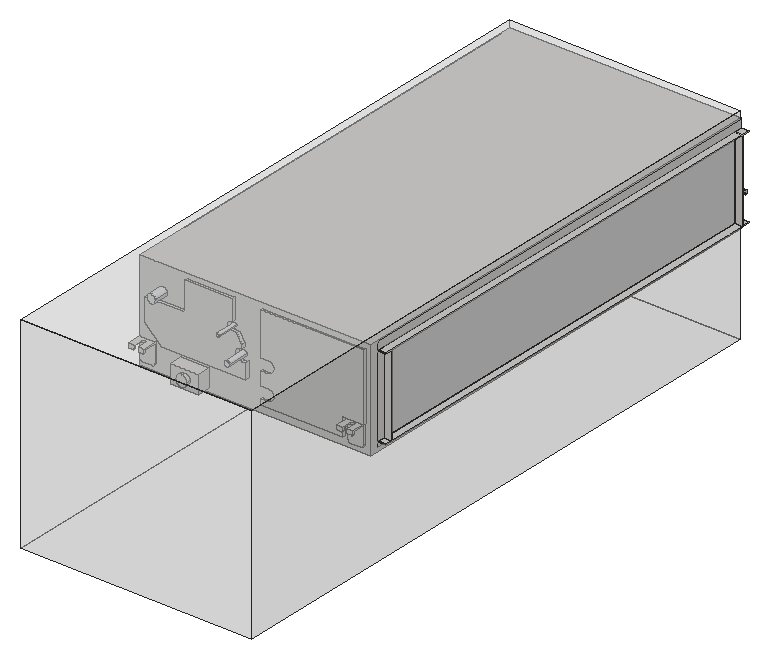
Revit family "outputfile", category 機械設備, Revit 2024
Family settings
  丸型コネクタ寸法 = 半径を使用
  パーツ タイプ = 標準
  OmniClass 番号 = 23.75.10.24.21.27.27
  OmniClass タイトル = Split System Air Conditioning Units
  作業面ベース = いいえ
  常に垂直 = はい
  ロード時にボイドで切り取り = いいえ
  注釈の向きを維持 = いいえ
  共有 = いいえ
  部屋計算ポイント = はい
Parameters (values of type "FXMQ140PAVE")
  Description = ""
  製造元 = "Daikin"
  書き出し IFC クラス(タイプ) = "IfcUnitaryEquipmentType"
  定義済み IFC タイプ(タイプ) = "AIRCONDITIONINGUNIT"
  Cost = 0
  モデル = "FXMQ140PAVE"
  Type Comments = ""
  Keynote = ""
  Type Image = (empty or 0)
  Assembly Code = ""
  r_Liquid Pipe Size = Liquid Pipe Size / 2  # 4.75 mm
  r_Gas Pipe Size = Gas Pipe Size / 2  # 7.95 mm
  r_Drain Pipe Size = Drain Pipe Size / 2  # 12.5 mm
  lw_power = 396.0 mm  # constant formula
  lh_SA = 165.0 mm  # constant formula
  lw_SA = if(Depth = 550.0 mm, 210.0 mm, if(Depth = 700.0 mm, 285.0 mm, if(Depth = 1000.0 mm, 435.0 mm, 635.0 mm)))  # 635.0 mm
  lw_RA = if(Depth = 550.0 mm, 288.0 mm, if(Depth = 700.0 mm, 363.0 mm, if(Depth = 1000.0 mm, 513.0 mm, 713.0 mm)))  # 713.0 mm
  lh_power = 60.0 mm + [h***]  # 60.0 mm
  lh_mountinghole1 = lh_mountinghole + [h***]  # 80.0 mm
  lh_RA = 150.0 mm  # constant formula
  ld_power = Depth / 2  # 700.0 mm
  Voltage_comment_60Hz = "220"
  Voltage_comment_50Hz = "220-240"
  Voltage_60Hz = 220 V
  Voltage_50Hz = 220 V
  URL = ""
  Supply Air Direction [instance] = yes
  Sound Power Level_H speed (dB) = 64
  Phase_60Hz = 1
  Phase_50Hz = 1
  Minimum External Static Pressure = 50.00 Pa
  Minimum Circuit Amps_60Hz = 3.4 A
  Minimum Circuit Amps_50Hz = 3.4 A
  Maximum Fuse Amps_60Hz = 16.0 A
  Maximum Fuse Amps_50Hz = 16.0 A
  Maximum External Static Pressure = 140.00 Pa
  Material_Casing = DAIKIN_GalvanizedSteel_Casing_indoorunit
  lw_mountinghole = 631.0 mm  # constant formula
  lh_gaspipe = 144.0 mm + [h***]  # 144.0 mm
  lh_mountinghole = 80.0 mm  # constant formula
  lh_liquidpipe = 212.0 mm + [h***]  # 212.0 mm
  lh_drainpipe = 232.0 mm + [h***]  # 232.0 mm
  lh_antena = Height - lh_mountinghole + 1.0 mm  # 221.0 mm
  ld_drainpipe = Depth / 2 + 54.0 mm  # 754.0 mm
  ld_liquidpipe = 765.0 mm
  ld_gaspipe = 765.0 mm
  ld_mountinghole = Depth + 38.0 mm  # 1438.0 mm
  h*** = 0.0 mm  # constant formula
  lw_liquidpipe = 290.0 mm  # constant formula
  lw_gaspipe = 318.0 mm  # constant formula
  lw_drainpipe = 80.0 mm  # constant formula
  Width = 700.0 mm
  Version = "ver.1.0"
  Unit Type = "Middle-High Static Pressure Duct Type"
  Unit Mass Weight = 46.00 kg
  Unit Designation [instance] = ""
  Uniclass2015Version = "Products v1.30"
  Uniclass2015Title = "Variable refrigerant flow units"
  Uniclass2015Code = "Pr_70_65_03_94"
  Total Heating Capacity [instance] = 0.000 kW
  Total Cooling Capacity [instance] = 0.000 kW
  Sound Pressure Level_M speed (dBA) = 0
  Sound Pressure Level_L speed (dBA) = 43
  Sound Pressure Level_H speed (dBA) = 46
  Series = "VRV Fan Coil Unit"
  Sensible Cooling Capacity [instance] = 0.000 kW
  SA Duct Size Width = if(Depth = 550.0 mm, 310.0 mm, if(Depth = 700.0 mm, 460.0 mm, if(Depth = 1000.0 mm, 760.0 mm, 1160.0 mm)))  # 1160.0 mm
  SA Duct Size Height = 215.0 mm
  Refrigerant Type = "R410A"
  RA Duct Size Width = if(Depth = 550.0 mm, 475.0 mm, if(Depth = 700.0 mm, 625.0 mm, if(Depth = 1000.0 mm, 925.0 mm, 1325.0 mm)))  # 1325.0 mm
  RA Duct Size Height = 247.0 mm
  Power Input (Heating) = 0.449 kW
  Power Input (Cooling) = 0.461 kW
  Option Accessory 3 [instance] = ""
  Option Accessory 2 [instance] = ""
  Option Accessory 1 [instance] = ""
  Nominal Heating Capacity = 18.000 kW
  Nominal Cooling Capacity = 16.000 kW
  Minimum Airflow = 1920.00 m³/h
  Median Airflow = 2340.00 m³/h
  Maximum Airflow = 2760.00 m³/h
  Load Classification = HVAC
  Liquid Pipe Size = 9.5 mm
  Link_Nested Family [instance] = ""
  IfcVersion = "0"
  IfcExportType = "AIRCONDITIONINGUNIT"
  IfcExportAs = "IfcUnitaryEquipmentType"
  Height = 300.0 mm
  Heating Entering Wet Bulb Temperature [instance] = 0.00 °C
  Heating Entering Dry Bulb Temperature [instance] = 0.00 °C
  Heating Ambient Wet Bulb Temperature [instance] = 0.00 °C
  Heating Ambient Dry Bulb Temperature [instance] = 0.00 °C
  Heat Exchanger Type = "Cross Fin Coil"
  Gas Pipe Size = 15.9 mm
  Frequency_60Hz = 60 Hz
  Frequency_50Hz = 50 Hz
  Fan Type = "Sirocco Fan"
  Fan Drive = "Direct Drive"
  FCU Tag No. [instance] = ""
  Drain Pipe Size = 25.0 mm
  Design Supply Airflow [instance] = 0.00 m³/h
  Design Return Airflow [instance] = 0.00 m³/h
  Design External Static Pressure [instance] = 0.00 Pa
  Depth = 1400.0 mm
  既定の高さ = 0.0 mm
  Cooling Entering Wet Bulb Temperature [instance] = 0.00 °C
  Cooling Entering Dry Bulb Temperature [instance] = 0.00 °C
  Cooling Ambient Wet Bulb Temperature [instance] = 0.00 °C
  Cooling Ambient Dry Bulb Temperature [instance] = 0.00 °C
  Clearance visibility [instance] = yes
  Clearance Top = 20.0 mm
  Clearance Right = 0.0 mm
  Clearance Rear = 0.0 mm
  Clearance Left = 0.0 mm
  Clearance Front = 450.0 mm
  Clearance Bottom = 300.0 mm
Reference planes
  plane 1 "Center (Front/Back)": y = 0
  plane 2 "h": z = 0
  plane 3 "Center (Left/Right)": x = 0
  plane 4 "Back": y = 700
  plane 5 "Front": y = -700
  plane 6 "Left": x = -350
  plane 7 "Reight": x = 350
  plane 8 "Top": z = 0
  plane 9 "Bottom": z = -300
  plane 10: y = -215
  plane 11: y = 700
  plane 12: y = -1150
  plane 13: x = -350
  plane 14: x = 350
  plane 15: z = 20
  plane 16: z = -600
  plane 17: x = -350
  plane 18: z = -135
  plane 19: x = -349
  plane 20: x = 349
  plane 21: y = 65
  plane 22: y = 13
  plane 23: z = -150
  plane 24: y = -710.8
  plane 25: z = -14
  plane 26: z = -219
  plane 27: x = -324
  plane 28: x = -60
  plane 29: x = -20
  plane 30: z = -156
  plane 31: x = -32
  plane 32: z = -88
  plane 33: x = 23
  plane 34: x = 335
  plane 35: z = -15.8
  plane 36: z = -274.8
  plane 37: z = -219.8
  plane 38: x = 271
  plane 39: x = -223.3
  plane 40: x = -138.3
  plane 41: z = -232.7
  plane 42: z = -288.5
  plane 43: y = -741
  plane 44: x = -181
  plane 45: z = -260
  plane 46: y = -751
  plane 47: z = -163.8
  plane 48: z = -239.8
  plane 49: x = 46
  plane 50: z = -88
  plane 51: x = -60
  plane 52: y = -765
  plane 53: z = -156
  plane 54: x = -32
  plane 55: y = -754
  plane 56: z = -68
  plane 57: x = -270
  plane 58: x = -270
  plane 59: x = -60
  plane 60: x = -32
  plane 61: x = 46
  plane 62: x = -323
  plane 63: x = 308
  plane 64: y = -719
  plane 65: y = 719
  plane 66: z = -220
  plane 67: y = -706
  plane 68: x = -204
  plane 69: z = -100.2
  plane 70: x = -374
  plane 71: x = 374
Forms (mm)
  Extrusion 1, solid, material "DAIKIN_GalvanizedSteel_Casing_indoorunit" <- "Material_Casing"
    sketch origin (0, 0, 0) x (1, 0, 0) y (0, 1, 0)
      loop
        line (-349, 700) -> (-349, -700) -> (349, -700) -> (349, 700) -> (-349, 700)
    from -300 to 0
  Extrusion 2, solid, material "DAIKIN_GalvanizedSteel_Casing_indoorunit" <- "Material_Casing"
    sketch origin (0, 0, 0) x (1, 0, 0) y (0, 0, 1)
      loop
        line (-324, -100.2) -> (-324, -168) -> (-273, -219) -> (-20, -219) -> (-20, -173.5) -> (-32, -173.5)
        arc (-32, -173.5) -> (-49.5, -156) -> (-32, -138.5) r 17.5
        line (-32, -138.5) -> (-32, -127.5) -> (-47, -101) -> (-60, -101)
        arc (-60, -101) -> (-73, -88) -> (-60, -75) r 13
        line (-60, -75) -> (-60, -14) -> (-204, -14) -> (-204, -100.2) -> (-324, -100.2)
    from 700 to 710.8
  Extrusion 3, solid, material "DAIKIN_GalvanizedSteel_Casing_indoorunit" <- "Material_Casing"
    sketch origin (0, 0, 0) x (1, 0, 0) y (0, 0, 1)
      loop
        line (23, -274.8) -> (271, -274.8) -> (271, -219.8) -> (335, -219.8) -> (335, -15.8) -> (23, -15.8) -> (23, -146.3) -> (46, -146.3)
        arc (46, -146.3) -> (63.5, -163.8) -> (46, -181.3) r 17.5
        line (46, -181.3) -> (23, -181.3) -> (23, -222.3) -> (46, -222.3)
        arc (46, -222.3) -> (63.5, -239.8) -> (46, -257.3) r 17.5
        line (46, -257.3) -> (23, -257.3) -> (23, -274.8)
    from 700 to 706
  Extrusion 4, solid, material "DAIKIN_GalvanizedSteel_Casing_indoorunit" <- "Material_Casing"
    sketch origin (0, 0, 0) x (1, 0, 0) y (0, 0, 1)
      loop
        line (-223.3, -232.7) -> (-223.3, -288.5) -> (-138.3, -288.5) -> (-138.3, -232.7) -> (-223.3, -232.7)
    from 700 to 741
  Extrusion 5, solid, material "DAIKIN_GalvanizedSteel_Casing_indoorunit" <- "Material_Casing"
    sketch origin (0, 0, 0) x (1, 0, 0) y (0, 0, 1)
      loop
        circle (-181, -260) r 16.5
    from 741 to 751
  Extrusion 6, solid
    sketch origin (0, 0, 0) x (1, 0, 0) y (0, 0, 1)
      loop
        circle (-60, -88) r 4.75
    from 700 to 765
  Extrusion 7, solid
    sketch origin (0, 0, 0) x (1, 0, 0) y (0, 0, 1)
      loop
        circle (-32, -156) r 7.95
    from 700 to 765
  Extrusion 8, solid
    sketch origin (0, 0, 0) x (1, 0, 0) y (0, 0, 1)
      loop
        circle (-270, -68) r 12.5
    from 710.8 to 754
Dimensions and locks
  "Height": plane 8 "Top" to plane 9 "Bottom"
  equal spacing: plane 4 "Back", plane 1 "Center (Front/Back)", plane 5 "Front"
  "Depth": plane 4 "Back" to plane 5 "Front"
  equal spacing: plane 6 "Left", plane 3 "Center (Left/Right)", plane 7 "Reight"
  "Width": plane 6 "Left" to plane 7 "Reight"
  "Clearance Left": plane 13 to plane 6 "Left"
  "Clearance Right": plane 7 "Reight" to plane 14
  "Clearance Rear": plane 11 to plane 4 "Back"
  "Clearance Front": plane 5 "Front" to plane 12
  "Clearance Top": plane 15 to plane 8 "Top"
  "Clearance Bottom": plane 9 "Bottom" to plane 16
  "lh_SA": plane 18 to plane 9 "Bottom"
  locked: plane 17 to plane 19 at 1
  locked: plane 20 to plane 14 at 1
  "lw_SA": plane 11 to plane 21
  "lw_RA": plane 22 to plane 5 "Front"
  "lh_RA": plane 23 to plane 9 "Bottom"
  locked: plane 5 "Front" to plane 24 at 10.8
  plane 29 to plane 28 to plane 27 to plane 6 "Left" = 40.0 mm, 264.0 mm, 26.0 mm
  locked: plane 31 to plane 6 "Left" at 318
  plane 34 to plane 33 to plane 6 "Left" = 312.0 mm locked, 373.0 mm locked
  locked: plane 34 to plane 38 at 64
  locked: plane 37 to plane 36 at 55
  plane 40 to plane 39 to plane 6 "Left" = 85.0 mm locked, 126.7 mm locked
  locked: plane 5 "Front" to plane 43 at 41
  locked: plane 44 to plane 6 "Left" at 169
  locked: plane 43 to plane 46 at 10
  plane 47 to plane 48 to plane 36 = 76.0 mm locked, 35.0 mm locked
  locked: plane 49 to plane 33 at 23
  "lw_liquidpipe": plane 51 to plane 6 "Left"
  "lh_liquidpipe": plane 50 to plane 9 "Bottom"
  "lh_gaspipe": plane 53 to plane 9 "Bottom"
  "lw_gaspipe": plane 54 to plane 6 "Left"
  "ld_gaspipe": plane 52 to plane 1 "Center (Front/Back)"
  "ld_drainpipe": plane 55 to plane 1 "Center (Front/Back)"
  "lh_drainpipe": plane 56 to plane 9 "Bottom"
  "lw_drainpipe": plane 57 to plane 6 "Left"
  "lw_drainpipe": plane 6 "Left" to plane 58
  "lw_liquidpipe": plane 6 "Left" to plane 59
  "lw_gaspipe": plane 6 "Left" to plane 60
  "lw_power": plane 6 "Left" to plane 61
  plane 17 to plane 62 = 27.0 mm
  "lw_mountinghole": plane 62 to plane 63
  equal spacing: plane 64, plane 1 "Center (Front/Back)", plane 65
  "ld_mountinghole": plane 65 to plane 64
  "lh_mountinghole": plane 66 to plane 9 "Bottom"
  plane 8 "Top" to plane 41 to plane 42 = 232.7 mm locked, 55.8 mm locked
  locked: plane 8 "Top" to plane 45 at 260
  plane 8 "Top" to plane 25 to plane 26 = 14.0 mm locked, 205.0 mm locked
  plane 8 "Top" to plane 32 to plane 30 = 88.0 mm locked, 68.0 mm locked
  plane 8 "Top" to plane 35 to plane 36 = 15.8 mm locked, 259.0 mm locked
  locked: plane 5 "Front" to plane 67 at 6
  locked: plane 25 to plane 69 at 86.2
  locked: plane 27 to plane 68 at 120
  locked: plane 70 to plane 6 "Left" at 24
  locked: plane 14 to plane 71 at 24
  "r_Liquid Pipe Size": radius of Extrusion 6 sketch curve
  "r_Gas Pipe Size": radius of Extrusion 7 sketch curve
  "r_Drain Pipe Size": radius of Extrusion 8 sketch curve
  aligned and locked: level to plane 2 "h"
  aligned and locked: plane 8 "Top" to Extrusion 1
  aligned and locked: Extrusion 1 to plane 9 "Bottom"
  aligned and locked: nested 5 to plane 12
  aligned and locked: plane 13 to nested 5
  aligned and locked: plane 14 to nested 5
  aligned and locked: nested 5 to plane 13
  aligned and locked: plane 11 to nested 5
  aligned and locked: plane 15 to nested 5
  aligned and locked: plane 16 to nested 5
  aligned and locked: plane 5 "Front" to Extrusion 1 sketch curve
  aligned and locked: Extrusion 1 to plane 19
  aligned and locked: plane 20 to Extrusion 1
  aligned and locked: nested 7 to plane 19
  aligned and locked: nested 7 to plane 21
  aligned and locked: plane 18 to nested 7
  aligned and locked: plane 20 to nested 8
  aligned and locked: plane 22 to nested 8
  aligned and locked: plane 23 to nested 8
  aligned and locked: Extrusion 2 to plane 24
  aligned and locked: plane 5 "Front" to Extrusion 2
  aligned and locked: plane 36 to Extrusion 3 sketch curve
  aligned and locked: plane 38 to Extrusion 3 sketch curve
  aligned and locked: plane 37 to Extrusion 3 sketch curve
  aligned and locked: Extrusion 3 sketch curve to plane 34
  aligned and locked: Extrusion 3 sketch curve to plane 35
  aligned and locked: Extrusion 3 sketch curve to plane 33
  aligned and locked: plane 5 "Front" to Extrusion 3
  aligned and locked: Extrusion 4 sketch curve to plane 41
  aligned and locked: Extrusion 4 sketch curve to plane 39
  aligned and locked: plane 42 to Extrusion 4 sketch curve
  aligned and locked: plane 40 to Extrusion 4 sketch curve
  aligned and locked: Extrusion 4 to plane 43
  aligned and locked: plane 5 "Front" to Extrusion 4
  aligned and locked: Extrusion 5 sketch curve to plane 44
  aligned and locked: plane 45 to Extrusion 5 sketch curve
  aligned and locked: Extrusion 5 to plane 46
  aligned and locked: plane 43 to Extrusion 5
  aligned and locked: Extrusion 6 sketch curve to plane 51
  aligned and locked: plane 50 to Extrusion 6 sketch curve
  aligned and locked: Extrusion 6 to plane 52
  aligned and locked: plane 5 "Front" to Extrusion 6
  aligned and locked: Extrusion 7 sketch curve to plane 54
  aligned and locked: plane 53 to Extrusion 7 sketch curve
  aligned and locked: Extrusion 7 to Extrusion 6
  aligned and locked: plane 5 "Front" to Extrusion 7
  aligned and locked: Extrusion 8 sketch curve to plane 57
  aligned and locked: plane 56 to Extrusion 8 sketch curve
  aligned and locked: Extrusion 8 to plane 55
  aligned and locked: plane 24 to Extrusion 8
  aligned and locked: nested 3 to plane 55
  aligned and locked: nested 3 to plane 58
  aligned and locked: nested 2 to plane 59
  aligned and locked: nested 2 to plane 52
  aligned and locked: nested 1 to plane 60
  aligned and locked: Extrusion 7 to plane 52
  aligned and locked: nested 1 to plane 52
  aligned and locked: nested 6 to plane 5 "Front"
  aligned and locked: nested 6 to plane 61
  aligned and locked: plane 62 to nested 10
  aligned and locked: nested 10 to plane 5 "Front"
  aligned and locked: plane 63 to nested 9
  aligned and locked: nested 9 to plane 5 "Front"
  aligned and locked: nested 11 to plane 62
  aligned and locked: plane 4 "Back" to nested 11
  aligned and locked: nested 12 to plane 63
  aligned and locked: plane 4 "Back" to nested 12
  aligned and locked: plane 66 to nested 10
  aligned and locked: plane 66 to nested 11
  aligned and locked: plane 66 to nested 9
  aligned and locked: plane 66 to nested 12
  aligned and locked: plane 62 to nested 14
  aligned and locked: nested 14 to plane 65
  aligned and locked: plane 63 to nested 13
  aligned and locked: nested 13 to plane 65
  aligned and locked: plane 63 to nested 16
  aligned and locked: plane 64 to nested 16
  aligned and locked: plane 64 to nested 15
  aligned and locked: plane 62 to nested 15
  aligned and locked: Extrusion 3 to plane 67
  aligned and locked: Extrusion 2 sketch curve to plane 68
  aligned and locked: plane 69 to Extrusion 2 sketch curve
  aligned and locked: nested 17 to plane 21
  aligned and locked: nested 17 to plane 70
  aligned and locked: plane 18 to nested 17
  aligned and locked: plane 22 to nested 18
  aligned and locked: plane 71 to nested 18
  aligned and locked: nested 18 to plane 23
  aligned and locked: nested 4 to plane 3 "Center (Left/Right)"
  aligned and locked: plane 1 "Center (Front/Back)" to nested 4
  aligned and locked: level to plane 8 "Top"
Automatic sketch dimensions
  plane 6 "Left" to Extrusion 1 sketch curve = 1.0 mm
  Extrusion 1 sketch curve to plane 7 "Reight" = 1.0 mm
  Extrusion 1 sketch curve to plane 4 "Back" = 0.0 mm
  Extrusion 3 sketch curve to plane 33 = 0.0 mm  (x2)
  Extrusion 3 sketch curve to plane 47 = 0.0 mm
  Extrusion 3 sketch curve to plane 49 = 0.0 mm  (x4)
  Extrusion 3 sketch curve to plane 48 = 0.0 mm
  Extrusion 3 sketch curve to plane 37 = 2.5 mm
  plane 23 to Extrusion 3 sketch curve = 3.7 mm
  plane 27 to Extrusion 2 sketch curve = 0.0 mm
  Extrusion 2 sketch curve to plane 26 = 0.0 mm
  Extrusion 2 sketch curve to plane 28 = 0.0 mm
  Extrusion 2 sketch curve to plane 31 = 0.0 mm
  Extrusion 2 sketch curve to plane 29 = 0.0 mm
  Extrusion 2 sketch curve to plane 30 = 0.0 mm
  Extrusion 2 sketch curve to plane 32 = 0.0 mm
  Extrusion 2 sketch curve to plane 25 = 0.0 mm
  Extrusion 2 sketch curve to Extrusion 2 sketch curve = 13.0 mm
  Extrusion 2 sketch curve to Extrusion 2 sketch curve = 17.5 mm
  plane 18 to Extrusion 2 sketch curve = 7.5 mm
  Extrusion 2 sketch curve to plane 58 = 3.0 mm
  Extrusion 2 sketch curve to plane 30 = 12.0 mm
  Extrusion 2 sketch curve to Extrusion 2 sketch curve = 0.8 mm
  radius of Extrusion 5 sketch curve = 16.5 mm
Nested families
  nested 1: "daikin_connector_rotate2" at (-32, 0, -156), length <- "ld_gaspipe", built-in parameter 1001364 <- "lh_gaspipe", radius <- "r_Gas Pipe Size", type "daikin_connector_rotate2"
    with radius 7.95 mm, length 765.0 mm, angle_vertical 90.00°
  nested 2: "daikin_connector_rotate2" at (-60, 0, -88), length <- "ld_liquidpipe", built-in parameter 1001364 <- "lh_liquidpipe", radius <- "r_Liquid Pipe Size", type "daikin_connector_rotate2"
    with radius 4.75 mm, length 765.0 mm, angle_vertical 90.00°
  nested 3: "daikin_connector_rotate2" at (-270, 0, -68), length <- "ld_drainpipe", built-in parameter 1001364 <- "lh_drainpipe", radius <- "r_Drain Pipe Size", type "daikin_connector_rotate2"
    with radius 12.5 mm, length 754.0 mm, angle_vertical 90.00°
  nested 4: "daikin_△_symbolicline" at (0, 0, 300) x (0, -1, 0) z (0, 0, 1), built-in parameter 1001364 <- "Height", visible <- "Supply Air Direction", type "daikin_△_symbolicline"
    with length 200.0 mm
  nested 5: "daikin_clearancespace" at (0, -225, -289.881), visible <- "Clearance visibility", show <- "Clearance visibility", Link_Nested Family <- "Link_Nested Family", type "daikin_clearancespace"
    with width 700.0 mm, show yes, height 620.0 mm, depth 1850.0 mm, Link_Nested Family ""
  nested 6: "daikin_connector_rotate2" at (46, 0, -240), built-in parameter 1001364 <- "lh_power", length <- "ld_power", type "daikin_connector_rotate2"
    with radius 10.0 mm, length 700.0 mm, angle_vertical 90.00°
  nested 7: "daikin_ductflange_FXMQ-PAVE2" at (-349, 65, -135) x (0, -1, 0) z (0, 0, 1), type "daikin_ductflange_FXMQ-PAVE2"
    with width 1160.0 mm, w 1400.0 mm
  nested 8: "daikin_ductflange_FXMQ-PAVE" at (349, 13, -150) x (0, 1, 0) z (0, 0, 1), type "daikin_ductflange_FXMQ-PAVE"
    with width 1325.0 mm, w 1400.0 mm
  nested 9: "daikin_hangerfixture_FXMQ-PAVE" at (308, -700, -220), type "daikin_hangerfixture_FXMQ-PAVE"
  nested 10: "daikin_hangerfixture_FXMQ-PAVE" at (-323, -700, -220), type "daikin_hangerfixture_FXMQ-PAVE"
  nested 11: "daikin_hangerfixture_FXMQ-PAVE" at (-323, 700, -220) x (-1, 0, 0) z (0, 0, 1), type "daikin_hangerfixture_FXMQ-PAVE"
  nested 12: "daikin_hangerfixture_FXMQ-PAVE" at (308, 700, -220) x (-1, 0, 0) z (0, 0, 1), type "daikin_hangerfixture_FXMQ-PAVE"
  nested 13: "daikin_mountinghole" at (308, 719, -300), h_mountinghole <- "lh_mountinghole1", l_antenna <- "lh_antena", Link_Nested Family <- "Link_Nested Family", type "daikin_mountinghole"
    with show yes, l_antenna 221.0 mm, h_mountinghole 80.0 mm, Link_Nested Family ""
  nested 14: "daikin_mountinghole" at (-323, 719, -300), h_mountinghole <- "lh_mountinghole1", l_antenna <- "lh_antena", Link_Nested Family <- "Link_Nested Family", type "daikin_mountinghole"
    with show yes, l_antenna 221.0 mm, h_mountinghole 80.0 mm, Link_Nested Family ""
  nested 15: "daikin_mountinghole" at (-323, -719, -300), h_mountinghole <- "lh_mountinghole1", l_antenna <- "lh_antena", Link_Nested Family <- "Link_Nested Family", type "daikin_mountinghole"
    with show yes, l_antenna 221.0 mm, h_mountinghole 80.0 mm, Link_Nested Family ""
  nested 16: "daikin_mountinghole" at (308, -719, -300), h_mountinghole <- "lh_mountinghole1", l_antenna <- "lh_antena", Link_Nested Family <- "Link_Nested Family", type "daikin_mountinghole"
    with show yes, l_antenna 221.0 mm, h_mountinghole 80.0 mm, Link_Nested Family ""
  nested 17: "daikin_connector_rotate2" at (-350, 65, -135) x (0, -1, 0) z (0, 0, 1), type "daikin_connector_rotate2"
    with radius 10.0 mm, length 24.0 mm, angle_vertical 90.00°
  nested 18: "daikin_connector_rotate2" at (350, 13, -150) x (0, 1, 0) z (0, 0, 1), type "daikin_connector_rotate2"
    with radius 10.0 mm, length 24.0 mm, angle_vertical 90.00°
Connectors
  piping at (-270, -754, -68), diameter 25, driven by "r_Drain Pipe Size"
    settings: on nested 3, index 3, connector inside diameter 609.6 mm, connector length 0.0 mm, flow factor 0, pipe flow 0.00 m³/h, pressure drop 0.0 Pa, fitting loss kfactor 0, connector angle 0.00°, fixture units 0, engagement length 0.0 mm, angle of deflection 0.00°, flow configuration 1, flow direction 2, fitting loss method 4, system type 16, joint type 0, gender type 0, connector reference index -1, connector utility 0, adjustable connector no, is connector primary yes, connector description "Condensate Drain Piping"
  piping at (-32, -765, -156), diameter 15.9, driven by "r_Gas Pipe Size"
    settings: on nested 1, index 4, connector inside diameter 609.6 mm, connector length 0.0 mm, flow factor 0, pipe flow 0.00 m³/h, pressure drop 0.0 Pa, fitting loss kfactor 0, connector angle 0.00°, fixture units 0, engagement length 0.0 mm, angle of deflection 0.00°, flow configuration 1, flow direction 2, fitting loss method 0, system type 29, joint type 0, gender type 0, connector reference index -1, connector utility 0, adjustable connector no, is connector primary no, connector description "Refrigerant Gas Piping"
  piping at (-60, -765, -88), diameter 9.5, driven by "r_Liquid Pipe Size"
    settings: on nested 2, index 5, connector inside diameter 609.6 mm, connector length 0.0 mm, flow factor 0, pipe flow 0.00 m³/h, pressure drop 0.0 Pa, fitting loss kfactor 0, connector angle 0.00°, fixture units 0, engagement length 0.0 mm, angle of deflection 0.00°, flow configuration 1, flow direction 1, fitting loss method 0, system type 29, joint type 0, gender type 0, connector reference index -1, connector utility 0, adjustable connector no, is connector primary no, connector description "Refrigerant Liquid Piping"
  electrical at (46, -700, -240), driven by "Load Classification"
    settings: on nested 6, index 6, voltage 0 V, apparent load 0 VA, apparent load phase1 0 VA, apparent load phase2 0 VA, apparent load phase3 0 VA, power factor 1, load classification "HVAC", number of poles 1, system type 30, power factor state 1, is connector primary yes, connector utility no, sub classification motor no, connector description "Power Supply"
  hvac at (-374, 65, -135), driven by "SA Duct Size Height", driven by "SA Duct Size Width"
    settings: on nested 17, index 7, duct flow 0.00 m³/h, flow factor 0, pres drop 0.00 Pa, loss coef 0, conn angle 0.00°, conn width 1160.0 mm, conn height 215.0 mm, conn diameter 609.6 mm, duct sys type 1, conn prof type 1, flow config 0, flow direction 2, loss method 4, conn ref index -1, conn util no, is conn primary yes, conn desc "SA Duct"
  hvac at (374, 13, -150), driven by "RA Duct Size Height", driven by "RA Duct Size Width"
    settings: on nested 18, index 8, duct flow 0.00 m³/h, flow factor 0, pres drop 0.00 Pa, loss coef 0, conn angle 0.00°, conn width 1325.0 mm, conn height 247.0 mm, conn diameter 609.6 mm, duct sys type 2, conn prof type 1, flow config 0, flow direction 1, loss method 4, conn ref index -1, conn util no, is conn primary no, conn desc "RA Duct"
Definition of nested family "daikin_clearancespace"
  Parameters (values of type "daikin_clearancespace")
    width [instance] = 1823.963 mm
    show [instance] = yes
    material = none
    height [instance] = 1359.762 mm
    depth [instance] = 880.0 mm
    Default Elevation = 0.0 mm
    Link_Nested Family [instance] = ""
  Reference planes
    plane 1 "Center (Front/Back)": y = 0
    plane 2 "Center (Elevation)": z = -0.119
    plane 3 "Center (Left/Right)": x = 0
    plane 4: y = 440
    plane 5: y = -440
    plane 6 "Right": x = 911.982
    plane 7 "Left": x = -911.982
    plane 8 "Top": z = 679.762
    plane 9 "Bottom": z = -680
  Forms (mm)
    Extrusion 1, solid, material <- "material", visible <- "show"
      sketch origin (0, 0, 0) x (1, 0, 0) y (0, 1, 0)
        loop
          line (-911.982, 440) -> (-911.982, -440) -> (911.982, -440) -> (911.982, 440) -> (-911.982, 440)
      from -680 to 679.762
  Lines and regions (mm)
    symbolic lines, visible <- "show"
      curve 1: line (911.982, 440, 0) -> (-911.982, 440, 0)
      curve 2: line (-911.982, 440, 0) -> (-911.982, -440, 0)
      curve 3: line (-911.982, -440, 0) -> (911.982, -440, 0)
      curve 4: line (911.982, -440, 0) -> (911.982, 440, 0)
      curve 5: line (911.982, 0, 679.762) -> (-911.982, 0, 679.762)
      curve 6: line (911.982, 0, -680) -> (911.982, 0, 679.762)
      curve 7: line (-911.982, 0, -680) -> (911.982, 0, -680)
      curve 8: line (-911.982, 0, 679.762) -> (-911.982, 0, -680)
      curve 9: line (0, 440, 679.762) -> (0, -440, 679.762)
      curve 10: line (0, -440, 679.762) -> (0, -440, -680)
      curve 11: line (0, 440, -680) -> (0, 440, 679.762)
      curve 12: line (0, -440, -680) -> (0, 440, -680)
  Dimensions and locks
    "width": plane 7 "Left" to plane 6 "Right"
    "depth": plane 4 to plane 5
    "height": plane 8 "Top" to plane 9 "Bottom"
    equal spacing: plane 7 "Left", plane 3 "Center (Left/Right)", plane 6 "Right"
    equal spacing: plane 4, plane 1 "Center (Front/Back)", plane 5
    equal spacing: plane 8 "Top", plane 2 "Center (Elevation)", plane 9 "Bottom"
    aligned and locked: level to plane 2 "Center (Elevation)"
    aligned and locked: Extrusion 1 sketch curve to plane 4
    aligned and locked: plane 7 "Left" to Extrusion 1 sketch curve
    aligned and locked: Extrusion 1 sketch curve to plane 5
    aligned and locked: Extrusion 1 sketch curve to plane 6 "Right"
    aligned and locked: plane 8 "Top" to Extrusion 1
    aligned and locked: curve 1 to Extrusion 1
    aligned and locked: curve 2 to Extrusion 1
    aligned and locked: curve 3 to Extrusion 1
    aligned and locked: curve 4 to Extrusion 1
    aligned and locked: curve 5 to Extrusion 1
    aligned and locked: curve 6 to Extrusion 1
    aligned and locked: curve 7 to Extrusion 1
    aligned and locked: curve 8 to Extrusion 1
    aligned and locked: curve 9 to Extrusion 1
    aligned and locked: curve 10 to Extrusion 1
    aligned and locked: curve 11 to Extrusion 1
    aligned and locked: curve 12 to Extrusion 1
    aligned and locked: Extrusion 1 to plane 9 "Bottom"
Definition of nested family "daikin_ductflange_FXMQ-PAVE2"
  Parameters (values of type "daikin_ductflange_FXDSQ-AVM2")
    width = if(w = 550.0 mm, 310.0 mm, if(w = 700.0 mm, 460.0 mm, if(w = 1000.0 mm, 760.0 mm, 1160.0 mm)))  # 310.0 mm
    material = none
    height = 215.0 mm
    depth = 1.0 mm
    w = 550.0 mm
    Default Elevation = 0.0 mm
  Reference planes
    plane 1 "Center (Front/Back)": y = 0
    plane 2: z = 0
    plane 3 "Center (Left/Right)": x = 0
    plane 4: z = 107.5
    plane 5: z = -107.5
    plane 6: y = -25
    plane 7: z = 132.5
    plane 8: z = 108.5
    plane 9: y = -1
    plane 10: x = -177.5
    plane 11: x = 177.5
    plane 12: z = -132.5
    plane 13: z = -108.5
    plane 14: y = -1
    plane 15: x = 155
    plane 16: x = -155
    plane 17: x = 156
    plane 18: z = 106.5
    plane 19: z = -106.5
    plane 20: x = -156
    plane 21: z = 106.5
    plane 22: z = -106.5
    plane 23: y = -1
  Forms (mm)
    Extrusion 1, solid, material <- "material"
      sketch origin (0, 0, 0) x (0, 1, 0) y (0, 0, 1)
        loop
          line (-25, 107.5) -> (0, 107.5) -> (0, 132.5) -> (-1, 132.5) -> (-1, 108.5) -> (-25, 108.5) -> (-25, 107.5)
      from -177.5 to 177.5
    Extrusion 2, solid, material <- "material"
      sketch origin (0, 0, 0) x (0, 1, 0) y (0, 0, 1)
        loop
          line (-25, -107.5) -> (-25, -108.5) -> (-1, -108.5) -> (-1, -132.5) -> (0, -132.5) -> (0, -107.5) -> (-25, -107.5)
      from -177.5 to 177.5
    Extrusion 3, solid, material <- "material"
      sketch origin (0, 0, 0) x (1, 0, 0) y (0, 0, 1)
        loop
          line (155, 107.5) -> (155, -107.5) -> (177.5, -107.5) -> (177.5, -106.5) -> (156, -106.5) -> (156, 106.5) -> (177.5, 106.5) -> (177.5, 107.5) -> (155, 107.5)
      from 0 to 25
    Extrusion 4, solid, material <- "material"
      sketch origin (0, 0, 0) x (1, 0, 0) y (0, 0, 1)
        loop
          line (-177.5, 107.5) -> (-177.5, 106.5) -> (-156, 106.5) -> (-156, -106.5) -> (-177.5, -106.5) -> (-177.5, -107.5) -> (-155, -107.5) -> (-155, 107.5) -> (-177.5, 107.5)
      from 0 to 25
    Extrusion 5, solid, material <- "material"
      sketch origin (0, 0, 0) x (1, 0, 0) y (0, 0, 1)
        loop
          line (-177.5, 107.5) -> (-177.5, -107.5) -> (-155, -107.5) -> (-155, 107.5) -> (-177.5, 107.5)
        loop
          line (177.5, 107.5) -> (155, 107.5) -> (155, -107.5) -> (177.5, -107.5) -> (177.5, 107.5)
      from 0 to 1
  Cuts and joins
    joined: Extrusion 1, Extrusion 2, Extrusion 3, Extrusion 4, Extrusion 5
  Dimensions and locks
    plane 4 to level to plane 5 = 107.5 mm locked, 107.5 mm locked
    locked: plane 6 to plane 1 "Center (Front/Back)" at 25
    locked: plane 9 to plane 1 "Center (Front/Back)" at 1
    locked: plane 8 to plane 4 at 1
    locked: plane 11 to plane 15 at 22.5
    locked: plane 16 to plane 10 at 22.5
    locked: plane 17 to plane 15 at 1
    locked: plane 4 to plane 18 at 1
    locked: plane 19 to plane 5 at 1
    "width": plane 15 to plane 16
    plane 4 to plane 5 = 215.0 mm
    equal spacing: plane 15, plane 3 "Center (Left/Right)", plane 16
    locked: plane 16 to plane 20 at 1
    locked: plane 4 to plane 21 at 1
    locked: plane 22 to plane 5 at 1
    locked: plane 23 to plane 1 "Center (Front/Back)" at 1
    aligned and locked: level to plane 2
    aligned and locked: Extrusion 1 to plane 10
    aligned and locked: plane 11 to Extrusion 1
    aligned and locked: plane 5 to Extrusion 2
    aligned and locked: Extrusion 2 to plane 1 "Center (Front/Back)"
    aligned and locked: plane 15 to Extrusion 3 sketch curve
    aligned and locked: Extrusion 3 sketch curve to Extrusion 2  (x2)
    aligned and locked: Extrusion 3 sketch curve to plane 11
    aligned and locked: plane 6 to Extrusion 3
    aligned and locked: Extrusion 2 to plane 10
    aligned and locked: plane 11 to Extrusion 2
    aligned and locked: Extrusion 4 sketch curve to Extrusion 1  (x2)
    aligned and locked: plane 5 to Extrusion 4 sketch curve
    aligned and locked: Extrusion 4 sketch curve to plane 16
    aligned and locked: Extrusion 4 sketch curve to plane 22
    aligned and locked: plane 20 to Extrusion 4 sketch curve
    aligned and locked: plane 21 to Extrusion 4 sketch curve
    aligned and locked: Extrusion 4 to plane 1 "Center (Front/Back)"
    aligned and locked: plane 6 to Extrusion 4
    aligned and locked: Extrusion 5 sketch curve to Extrusion 1  (x4)
    aligned and locked: Extrusion 5 sketch curve to Extrusion 4  (x2)
    aligned and locked: Extrusion 5 sketch curve to Extrusion 3  (x2)
    aligned and locked: Extrusion 5 to plane 1 "Center (Front/Back)"
    aligned and locked: plane 23 to Extrusion 5
  Automatic sketch dimensions
    Extrusion 1 sketch curve to plane 6 = 0.0 mm
    Extrusion 1 sketch curve to plane 7 = 0.0 mm
    Extrusion 1 sketch curve to plane 9 = 0.0 mm
    Extrusion 1 sketch curve to plane 1 "Center (Front/Back)" = 0.0 mm
    Extrusion 1 sketch curve to plane 4 = 0.0 mm
    Extrusion 1 sketch curve to plane 8 = 0.0 mm
    Extrusion 2 sketch curve to plane 6 = 0.0 mm
    plane 12 to Extrusion 2 sketch curve = 0.0 mm
    Extrusion 2 sketch curve to plane 14 = 0.0 mm
    Extrusion 2 sketch curve to plane 1 "Center (Front/Back)" = 0.0 mm
    plane 13 to Extrusion 2 sketch curve = 0.0 mm
    Extrusion 2 sketch curve to plane 5 = 0.0 mm
    Extrusion 3 sketch curve to plane 17 = 0.0 mm
    Extrusion 3 sketch curve to plane 19 = 0.0 mm
    Extrusion 3 sketch curve to plane 18 = 0.0 mm
    Extrusion 3 sketch curve to plane 4 = 0.0 mm
    Extrusion 4 sketch curve to plane 10 = 0.0 mm
Definition of nested family "daikin_ductflange_FXMQ-PAVE"
  Parameters (values of type "daikin_ductflange_FXDSQ-AVM")
    width = if(w = 550.0 mm, 475.0 mm, if(w = 700.0 mm, 625.0 mm, if(w = 1000.0 mm, 925.0 mm, 1325.0 mm)))  # 475.0 mm
    material = none
    height = 247.0 mm
    depth = 1.0 mm
    w = 550.0 mm
    Default Elevation = 0.0 mm
  Reference planes
    plane 1 "Center (Front/Back)": y = 0
    plane 2: z = 0
    plane 3 "Center (Left/Right)": x = 0
    plane 4: z = 123.5
    plane 5: z = -123.5
    plane 6: y = -25
    plane 7: z = 146.5
    plane 8: z = 124.5
    plane 9: y = -1
    plane 10: x = -260
    plane 11: x = 260
    plane 12: z = -137
    plane 13: z = -124.5
    plane 14: y = -1
    plane 15: x = 237.5
    plane 16: x = -237.5
    plane 17: x = 238.5
    plane 18: z = 122.5
    plane 19: z = -122.5
    plane 20: x = -238.5
    plane 21: z = 122.5
    plane 22: z = -122.5
    plane 23: y = -1
  Forms (mm)
    Extrusion 1, solid, material <- "material"
      sketch origin (0, 0, 0) x (0, 1, 0) y (0, 0, 1)
        loop
          line (-25, 123.5) -> (0, 123.5) -> (0, 146.5) -> (-1, 146.5) -> (-1, 124.5) -> (-25, 124.5) -> (-25, 123.5)
      from -260 to 260
    Extrusion 2, solid, material <- "material"
      sketch origin (0, 0, 0) x (0, 1, 0) y (0, 0, 1)
        loop
          line (-25, -123.5) -> (-25, -124.5) -> (-1, -124.5) -> (-1, -137) -> (0, -137) -> (0, -123.5) -> (-25, -123.5)
      from -260 to 260
    Extrusion 3, solid, material <- "material"
      sketch origin (0, 0, 0) x (1, 0, 0) y (0, 0, 1)
        loop
          line (237.5, 123.5) -> (237.5, -123.5) -> (260, -123.5) -> (260, -122.5) -> (238.5, -122.5) -> (238.5, 122.5) -> (260, 122.5) -> (260, 123.5) -> (237.5, 123.5)
      from 0 to 25
    Extrusion 4, solid, material <- "material"
      sketch origin (0, 0, 0) x (1, 0, 0) y (0, 0, 1)
        loop
          line (-260, 123.5) -> (-260, 122.5) -> (-238.5, 122.5) -> (-238.5, -122.5) -> (-260, -122.5) -> (-260, -123.5) -> (-237.5, -123.5) -> (-237.5, 123.5) -> (-260, 123.5)
      from 0 to 25
    Extrusion 5, solid, material <- "material"
      sketch origin (0, 0, 0) x (1, 0, 0) y (0, 0, 1)
        loop
          line (-260, 123.5) -> (-260, -123.5) -> (-237.5, -123.5) -> (-237.5, 123.5) -> (-260, 123.5)
        loop
          line (260, 123.5) -> (237.5, 123.5) -> (237.5, -123.5) -> (260, -123.5) -> (260, 123.5)
      from 0 to 1
  Cuts and joins
    joined: Extrusion 1, Extrusion 2, Extrusion 3, Extrusion 4, Extrusion 5
  Dimensions and locks
    plane 4 to level to plane 5 = 123.5 mm, 123.5 mm
    locked: plane 6 to plane 1 "Center (Front/Back)" at 25
    locked: plane 9 to plane 1 "Center (Front/Back)" at 1
    locked: plane 8 to plane 4 at 1
    locked: plane 11 to plane 15 at 22.5
    locked: plane 16 to plane 10 at 22.5
    locked: plane 17 to plane 15 at 1
    locked: plane 4 to plane 18 at 1
    locked: plane 19 to plane 5 at 1
    "width": plane 15 to plane 16
    equal spacing: plane 15, plane 3 "Center (Left/Right)", plane 16
    locked: plane 16 to plane 20 at 1
    locked: plane 4 to plane 21 at 1
    locked: plane 22 to plane 5 at 1
    locked: plane 23 to plane 1 "Center (Front/Back)" at 1
    equal spacing: plane 4, level, plane 5
    locked: plane 7 to plane 4 at 23
    locked: plane 5 to plane 12 at 13.5
    locked: plane 1 "Center (Front/Back)" to plane 14 at 1
    locked: plane 5 to plane 13 at 1
    locked: plane 4 to plane 5 at 247
    aligned and locked: level to plane 2
    aligned and locked: Extrusion 1 to plane 10
    aligned and locked: plane 11 to Extrusion 1
    aligned and locked: plane 5 to Extrusion 2
    aligned and locked: Extrusion 2 to plane 1 "Center (Front/Back)"
    aligned and locked: plane 15 to Extrusion 3 sketch curve
    aligned and locked: Extrusion 3 sketch curve to Extrusion 2  (x2)
    aligned and locked: Extrusion 3 sketch curve to plane 11
    aligned and locked: plane 6 to Extrusion 3
    aligned and locked: Extrusion 2 to plane 10
    aligned and locked: plane 11 to Extrusion 2
    aligned and locked: Extrusion 4 sketch curve to Extrusion 1  (x2)
    aligned and locked: plane 5 to Extrusion 4 sketch curve
    aligned and locked: Extrusion 4 sketch curve to plane 16
    aligned and locked: Extrusion 4 sketch curve to plane 22
    aligned and locked: plane 20 to Extrusion 4 sketch curve
    aligned and locked: plane 21 to Extrusion 4 sketch curve
    aligned and locked: Extrusion 4 to plane 1 "Center (Front/Back)"
    aligned and locked: plane 6 to Extrusion 4
    aligned and locked: Extrusion 5 sketch curve to Extrusion 1  (x4)
    aligned and locked: Extrusion 5 sketch curve to Extrusion 4  (x2)
    aligned and locked: Extrusion 5 sketch curve to Extrusion 3  (x2)
    aligned and locked: Extrusion 5 to plane 1 "Center (Front/Back)"
    aligned and locked: plane 23 to Extrusion 5
  Automatic sketch dimensions
    Extrusion 1 sketch curve to plane 6 = 0.0 mm
    Extrusion 1 sketch curve to plane 7 = 0.0 mm
    Extrusion 1 sketch curve to plane 9 = 0.0 mm
    Extrusion 1 sketch curve to plane 1 "Center (Front/Back)" = 0.0 mm
    Extrusion 1 sketch curve to plane 4 = 0.0 mm
    Extrusion 1 sketch curve to plane 8 = 0.0 mm
    Extrusion 2 sketch curve to plane 6 = 0.0 mm
    plane 12 to Extrusion 2 sketch curve = 0.0 mm
    Extrusion 2 sketch curve to plane 14 = 0.0 mm
    Extrusion 2 sketch curve to plane 1 "Center (Front/Back)" = 0.0 mm
    plane 13 to Extrusion 2 sketch curve = 0.0 mm
    Extrusion 2 sketch curve to plane 5 = 0.0 mm
    Extrusion 3 sketch curve to plane 17 = 0.0 mm
    Extrusion 3 sketch curve to plane 19 = 0.0 mm
    Extrusion 3 sketch curve to plane 18 = 0.0 mm
    Extrusion 3 sketch curve to plane 4 = 0.0 mm
    Extrusion 4 sketch curve to plane 10 = 0.0 mm
Definition of nested family "daikin_hangerfixture_FXMQ-PAVE"
  Parameters (values of type "daikin_hangerfixture_FXMQ-PAVE")
    width = 48.0 mm
    material = none
    height = 65.0 mm
    depth = 45.0 mm
    Default Elevation = 0.0 mm
  Reference planes
    plane 1 "Center (Front/Back)": y = 0
    plane 2: z = 0
    plane 3 "Center (Left/Right)": x = 0
    plane 4: y = 417.146
    plane 5: y = -45
    plane 6: x = -24
    plane 7: x = 24
    plane 8: z = -2.3
    plane 9: z = -65
    plane 10: y = -2.3
    plane 11: z = -12
    plane 12: y = -42.7
  Forms (mm)
    Extrusion 1, solid, material <- "material"
      sketch origin (0, 0, 0) x (1, 0, 0) y (0, 1, 0)
        loop
          line (24, 0) -> (-24, 0) -> (-24, -45) -> (-6, -45) -> (-6, -19)
          arc (-6, -19) -> (0, -13) -> (6, -19) r 6
          line (6, -19) -> (6, -45) -> (24, -45) -> (24, 0)
      from 0 to -2.3
    Extrusion 2, solid, material <- "material"
      sketch origin (0, 0, 0) x (1, 0, 0) y (0, 0, 1)
        loop
          line (24, -55) -> (24, 0) -> (-24, 0) -> (-24, -55)
          arc (-24, -55) -> (-21.071, -62.071) -> (-14, -65) r 10
          line (-14, -65) -> (14, -65)
          arc (14, -65) -> (21.071, -62.071) -> (24, -55) r 10
      from 0 to 2.3
    Extrusion 3, solid, material <- "material"
      sketch origin (0, 0, 0) x (1, 0, 0) y (0, 0, 1)
        loop
          line (-6, -9) -> (-6, 0) -> (-24, 0) -> (-24, -9)
          arc (-24, -9) -> (-23.121, -11.121) -> (-21, -12) r 3
          line (-21, -12) -> (-9, -12)
          arc (-9, -12) -> (-6.879, -11.121) -> (-6, -9) r 3
        loop
          line (6, 0) -> (6, -9)
          arc (6, -9) -> (6.879, -11.121) -> (9, -12) r 3
          line (9, -12) -> (21, -12)
          arc (21, -12) -> (23.121, -11.121) -> (24, -9) r 3
          line (24, -9) -> (24, 0) -> (6, 0)
      from 42.7 to 45
  Cuts and joins
    joined: Extrusion 1, Extrusion 2, Extrusion 3
  Dimensions and locks
    "width": plane 6 to plane 7
    "depth": plane 5 to plane 1 "Center (Front/Back)"
    plane 2 to plane 8 = 2.3 mm
    "height": plane 2 to plane 9
    locked: plane 10 to plane 1 "Center (Front/Back)" at 2.3
    locked: plane 2 to plane 11 at 12
    locked: plane 12 to plane 5 at 2.3
    aligned and locked: level to plane 2
    aligned and locked: Extrusion 1 sketch curve to plane 1 "Center (Front/Back)"
    aligned and locked: plane 7 to Extrusion 1
    aligned and locked: Extrusion 1 to plane 6
    aligned and locked: Extrusion 1 to plane 5  (x2)
    aligned and locked: Extrusion 1 to plane 8
    aligned and locked: plane 2 to Extrusion 1
    aligned and locked: plane 2 to Extrusion 2 sketch curve
    aligned and locked: Extrusion 2 to plane 9
    aligned and locked: Extrusion 2 to plane 10
    aligned and locked: Extrusion 2 to plane 1 "Center (Front/Back)"
    aligned and locked: plane 2 to Extrusion 3 sketch curve  (x2)
    aligned and locked: Extrusion 3 to plane 11  (x2)
    aligned and locked: plane 12 to Extrusion 3
    aligned and locked: Extrusion 3 to plane 5
  Automatic sketch dimensions
    Extrusion 1 sketch curve to plane 6 = 0.0 mm
    Extrusion 1 sketch curve to plane 5 = 0.0 mm  (x2)
    Extrusion 1 sketch curve to plane 3 "Center (Left/Right)" = 0.0 mm
    Extrusion 1 sketch curve to plane 7 = 0.0 mm
    Extrusion 1 sketch curve to plane 3 "Center (Left/Right)" = 6.0 mm
    plane 1 "Center (Front/Back)" to Extrusion 1 sketch curve = 19.0 mm
    Extrusion 2 sketch curve to plane 7 = 0.0 mm
    Extrusion 2 sketch curve to plane 7 = 10.0 mm
    Extrusion 2 sketch curve to plane 8 = 52.7 mm
    plane 6 to Extrusion 2 sketch curve = 10.0 mm
    Extrusion 2 sketch curve to plane 6 = 0.0 mm
    Extrusion 3 sketch curve to plane 6 = 0.0 mm
    Extrusion 3 sketch curve to plane 7 = 0.0 mm
    Extrusion 3 sketch curve to Extrusion 3 sketch curve = 3.0 mm  (x2)
    Extrusion 3 sketch curve to plane 8 = 6.7 mm
    Extrusion 3 sketch curve to plane 3 "Center (Left/Right)" = 9.0 mm
    Extrusion 3 sketch curve to plane 3 "Center (Left/Right)" = 6.0 mm
    plane 3 "Center (Left/Right)" to Extrusion 3 sketch curve = 6.0 mm
    Extrusion 3 sketch curve to plane 7 = 3.0 mm
    Extrusion 3 sketch curve to plane 8 = 9.7 mm
Definition of nested family "daikin_connector_rotate2"
  Parameters (values of type "daikin_connector_rotate2")
    Default Elevation = 1219.2 mm
    show_face = no
    radius [instance] = 10.0 mm
    length [instance] = 600.0 mm
    d_surface = 10.0 mm
    angle_vertical [instance] = 90.00°
  Reference planes
    plane 1 "Center (Front/Back)": y = 0
    plane 2: z = 0
    plane 3 "Center (Left/Right)": x = 0
  Forms (mm)
    Extrusion 1, solid, visible <- "show_face"
      sketch origin (0, -600, 0) x (1, 0, 0) y (0, 0, 1)
        loop
          circle (0, 0) r 10
      from 0 to -10
  Lines and regions (mm)
    reference lines
      curve 1: line (0, 0, 0) -> (0, -600, 0)
    symbolic lines
      curve 2: circle (0, 0, 0) r 5 normal (0, 0, 1)
    model lines, visible <- "show_face"
      curve 3: line (0, 0, 0) -> (0, -600, 0)
  Dimensions and locks
    "length": curve 1 to curve 1
    "length": curve 3 to curve 3
    "d_surface": Extrusion 1 to Extrusion 1
    "radius": radius of Extrusion 1 sketch curve
    "angle_vertical": angle curve 1 to plane 1 "Center (Front/Back)"
    "angle_vertical": angle curve 3 to plane 1 "Center (Front/Back)"
    aligned and locked: level to plane 2
    aligned and locked: plane 1 "Center (Front/Back)" to curve 1
    aligned and locked: plane 2 to curve 1
    aligned and locked: plane 1 "Center (Front/Back)" to curve 2
    aligned and locked: plane 3 "Center (Left/Right)" to curve 2
    aligned and locked: plane 1 "Center (Front/Back)" to curve 3
    aligned and locked: plane 2 to curve 3
    aligned and locked: Extrusion 1 to Extrusion 1
  Automatic sketch dimensions
    Extrusion 1 sketch curve to level = 0.0 mm
    Extrusion 1 sketch curve to plane 3 "Center (Left/Right)" = 0.0 mm
    radius of curve 2 = 5.0 mm
Definition of nested family "daikin_△_symbolicline"
  Parameters (values of type "daikin_△_symbolicline")
    length [instance] = 200.0 mm
    Default Elevation = 0.0 mm
  Reference planes
    plane 1 "Center (Front/Back)": y = 0
    plane 2: z = 0
    plane 3 "Center (Left/Right)": x = 0
  Lines and regions (mm)
    symbolic lines
      curve 1: line (0, -173.205, 0) -> (100, 0, 0)
      curve 2: line (100, 0, 0) -> (-100, 0, 0)
      curve 3: line (-100, 0, 0) -> (0, -173.205, 0)
  Dimensions and locks
    equal spacing: curve 3, plane 3 "Center (Left/Right)", curve 2
    "length": curve 3 to curve 2
    "length": curve 3 to curve 3
    "length": curve 1 to curve 1
    aligned and locked: level to plane 2
    aligned and locked: curve 2 to plane 1 "Center (Front/Back)"
    aligned and locked: plane 3 "Center (Left/Right)" to curve 3
Definition of nested family "daikin_mountinghole"
  Parameters (values of type "daikin_mountinghole")
    Default Elevation = 1219.2 mm
    Type Comments = "mountinghole"
    show [instance] = yes
    material = none
    l_centerline = 100.0 mm
    l_antenna [instance] = 100.0 mm
    h_mountinghole [instance] = 0.0 mm
    d_circle = 30.0 mm
    Link_Nested Family [instance] = ""
  Reference planes
    plane 1 "Center (Front/Back)": y = 0
    plane 2: z = 0
    plane 3 "Center (Left/Right)": x = 0
    plane 4: y = 50
    plane 5: x = -50
    plane 6: x = 50
    plane 7: y = -50
    plane 8 "h_mountinghole": z = 0
    plane 9: z = 100
  Lines and regions (mm)
    model lines, detail levels fine
      curve 1: circle (0, 0, 0) r 15 normal (0, 0, 1)
      curve 2: line (-50, 0, 0) -> (50, 0, 0)
      curve 3: line (0, 50, 0) -> (0, -50, 0)
    symbolic lines, detail levels fine
      curve 4: circle (0, 0, 0) r 15 normal (0, 0, 1)
      curve 5: line (-50, 0, 0) -> (50, 0, 0)
      curve 6: line (0, 50, 0) -> (0, -50, 0)
    model lines
      curve 7: line (0, 0, 100) -> (0, 0, 0)
  Dimensions and locks
    equal spacing: plane 4, plane 1 "Center (Front/Back)", plane 7
    "l_centerline": plane 4 to plane 7
    equal spacing: plane 5, plane 3 "Center (Left/Right)", plane 6
    "l_centerline": plane 5 to plane 6
    "l_antenna": plane 9 to plane 8 "h_mountinghole"
    "h_mountinghole": plane 8 "h_mountinghole" to plane 2
    "d_circle": diameter of curve 1
    "d_circle": diameter of curve 4
    aligned and locked: level to plane 2
    aligned and locked: plane 1 "Center (Front/Back)" to curve 1
    aligned and locked: plane 3 "Center (Left/Right)" to curve 1
    aligned and locked: plane 1 "Center (Front/Back)" to curve 2
    aligned and locked: curve 3 to plane 3 "Center (Left/Right)"
    aligned and locked: plane 6 to curve 2
    aligned and locked: plane 5 to curve 2
    aligned and locked: plane 4 to curve 3
    aligned and locked: plane 7 to curve 3
    aligned and locked: plane 1 "Center (Front/Back)" to curve 4
    aligned and locked: plane 3 "Center (Left/Right)" to curve 4
    aligned and locked: plane 6 to curve 5
    aligned and locked: plane 5 to curve 5
    aligned and locked: plane 1 "Center (Front/Back)" to curve 5
    aligned and locked: plane 4 to curve 6
    aligned and locked: plane 7 to curve 6
    aligned and locked: curve 6 to plane 3 "Center (Left/Right)"
    aligned and locked: curve 7 to plane 3 "Center (Left/Right)"
    aligned and locked: plane 9 to curve 7
    aligned and locked: plane 8 "h_mountinghole" to curve 7
